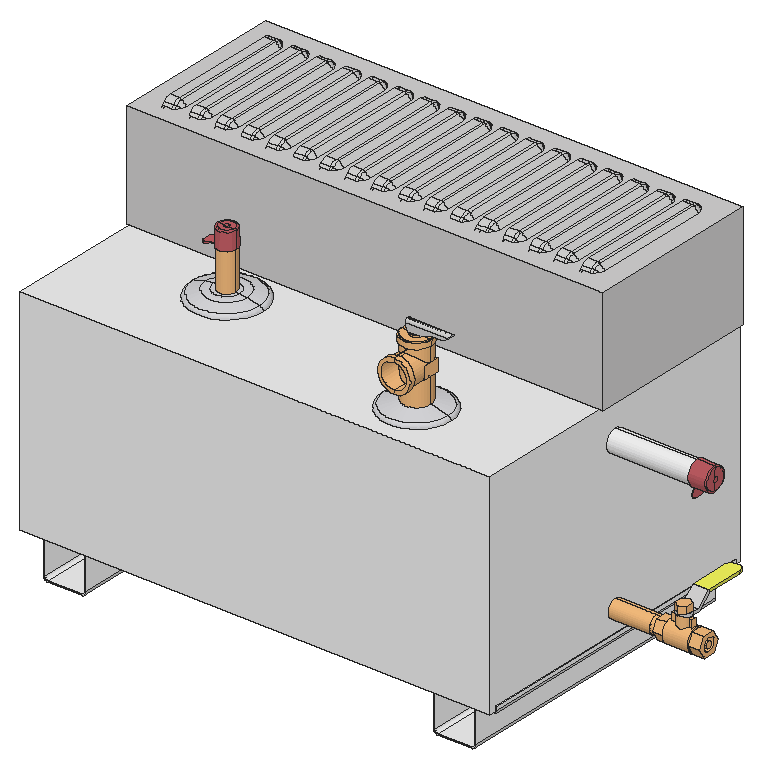
Revit family "Shower-Steam_Generator-KOHLER-Invigoration_Series-K-32334", category Plumbing Fixtures, host Face, Revit 2021 (continued)
Definition of nested family "K-32334"
  Lines and regions (in)
    symbolic lines, detail levels medium+fine
      curve 493: line (3.63386, 5.1516, 0) -> (3.8622, 5.1516, 0)
      curve 494: arc (4.22441, 0.37207, 0) -> (4.11832, 0.11595, 0) -> (3.8622, 0.00987, 0) r 0.3622
      curve 495: line (3.8622, 0.00987, 0) -> (3.63386, 0.00987, 0)
      curve 496: line (3.63386, 0.19057, 0) -> (3.88433, 0.19057, 0)
      curve 497: line (3.63386, 4.95475, 0) -> (3.88433, 4.95475, 0)
      curve 498: line (4.04181, 4.79727, 0) -> (4.04181, 0.34805, 0)
      curve 499: arc (3.88433, 0.19057, 0) -> (3.99569, 0.2367, 0) -> (4.04181, 0.34805, 0) r 0.15748
      curve 500: arc (3.88433, 4.95475, 0) -> (3.99569, 4.90862, 0) -> (4.04181, 4.79727, 0) r 0.15748
      curve 501: line (3.8622, 5.1516, 0) -> (3.8622, 4.95475, 0)
      curve 502: line (4.22441, 4.78939, 0) -> (4.04181, 4.78939, 0)
      curve 503: line (4.22441, 0.37207, 0) -> (4.04181, 0.37207, 0)
      curve 504: line (3.8622, 0.00987, 0) -> (3.8622, 0.19057, 0)
      curve 505: line (4.61811, 5.1516, 0) -> (4.61811, 0.00987, 0)
      curve 506: line (5.20866, 4.78939, 0) -> (5.20866, 0.37207, 0)
      curve 507: arc (4.84646, 5.1516, 0) -> (5.10257, 5.04551, 0) -> (5.20866, 4.78939, 0) r 0.3622
      curve 508: line (4.61811, 5.1516, 0) -> (4.84646, 5.1516, 0)
      curve 509: arc (5.20866, 0.37207, 0) -> (5.10257, 0.11595, 0) -> (4.84646, 0.00987, 0) r 0.3622
      curve 510: line (4.84646, 0.00987, 0) -> (4.61811, 0.00987, 0)
      curve 511: line (4.61811, 0.19057, 0) -> (4.86858, 0.19057, 0)
      curve 512: line (4.61811, 4.95475, 0) -> (4.86858, 4.95475, 0)
      curve 513: line (5.02607, 4.79727, 0) -> (5.02607, 0.34805, 0)
      curve 514: arc (4.86858, 0.19057, 0) -> (4.97994, 0.2367, 0) -> (5.02607, 0.34805, 0) r 0.15748
      curve 515: arc (4.86858, 4.95475, 0) -> (4.97994, 4.90862, 0) -> (5.02607, 4.79727, 0) r 0.15748
      curve 516: line (4.84646, 5.1516, 0) -> (4.84646, 4.95475, 0)
      curve 517: line (5.20866, 4.78939, 0) -> (5.02607, 4.78939, 0)
      curve 518: line (5.20866, 0.37207, 0) -> (5.02607, 0.37207, 0)
      curve 519: line (4.84646, 0.00987, 0) -> (4.84646, 0.19057, 0)
      curve 520: line (5.60236, 5.1516, 0) -> (5.60236, 0.00987, 0)
      curve 521: line (6.19291, 4.78939, 0) -> (6.19291, 0.37207, 0)
      curve 522: arc (5.83071, 5.1516, 0) -> (6.08683, 5.04551, 0) -> (6.19291, 4.78939, 0) r 0.3622
      curve 523: line (5.60236, 5.1516, 0) -> (5.83071, 5.1516, 0)
      curve 524: arc (6.19291, 0.37207, 0) -> (6.08683, 0.11595, 0) -> (5.83071, 0.00987, 0) r 0.3622
      curve 525: line (5.83071, 0.00987, 0) -> (5.60236, 0.00987, 0)
      curve 526: line (5.60236, 0.19057, 0) -> (5.85284, 0.19057, 0)
      curve 527: line (5.60236, 4.95475, 0) -> (5.85284, 4.95475, 0)
      curve 528: line (6.01032, 4.79727, 0) -> (6.01032, 0.34805, 0)
      curve 529: arc (5.85284, 0.19057, 0) -> (5.96419, 0.2367, 0) -> (6.01032, 0.34805, 0) r 0.15748
      curve 530: arc (5.85284, 4.95475, 0) -> (5.96419, 4.90862, 0) -> (6.01032, 4.79727, 0) r 0.15748
      curve 531: line (5.83071, 5.1516, 0) -> (5.83071, 4.95475, 0)
      curve 532: line (6.19291, 4.78939, 0) -> (6.01032, 4.78939, 0)
      curve 533: line (6.19291, 0.37207, 0) -> (6.01032, 0.37207, 0)
      curve 534: line (5.83071, 0.00987, 0) -> (5.83071, 0.19057, 0)
      curve 535: line (6.58661, 5.1516, 0) -> (6.58661, 0.00987, 0)
      curve 536: line (7.17717, 4.78939, 0) -> (7.17717, 0.37207, 0)
      curve 537: arc (6.81496, 5.1516, 0) -> (7.07108, 5.04551, 0) -> (7.17717, 4.78939, 0) r 0.3622
      curve 538: line (6.58661, 5.1516, 0) -> (6.81496, 5.1516, 0)
      curve 539: arc (7.17717, 0.37207, 0) -> (7.07108, 0.11595, 0) -> (6.81496, 0.00987, 0) r 0.3622
      curve 540: line (6.81496, 0.00987, 0) -> (6.58661, 0.00987, 0)
      curve 541: line (6.58661, 0.19057, 0) -> (6.83709, 0.19057, 0)
      curve 542: line (6.58661, 4.95475, 0) -> (6.83709, 4.95475, 0)
      curve 543: line (6.99457, 4.79727, 0) -> (6.99457, 0.34805, 0)
      curve 544: arc (6.83709, 0.19057, 0) -> (6.94844, 0.2367, 0) -> (6.99457, 0.34805, 0) r 0.15748
      curve 545: arc (6.83709, 4.95475, 0) -> (6.94844, 4.90862, 0) -> (6.99457, 4.79727, 0) r 0.15748
      curve 546: line (6.81496, 5.1516, 0) -> (6.81496, 4.95475, 0)
      curve 547: line (7.17717, 4.78939, 0) -> (6.99457, 4.78939, 0)
      curve 548: line (7.17717, 0.37207, 0) -> (6.99457, 0.37207, 0)
      curve 549: line (6.81496, 0.00987, 0) -> (6.81496, 0.19057, 0)
      curve 550: line (7.57087, 5.1516, 0) -> (7.57087, 0.00987, 0)
      curve 551: line (8.16142, 4.78939, 0) -> (8.16142, 0.37207, 0)
      curve 552: arc (7.79921, 5.1516, 0) -> (8.05533, 5.04551, 0) -> (8.16142, 4.78939, 0) r 0.3622
      curve 553: line (7.57087, 5.1516, 0) -> (7.79921, 5.1516, 0)
      curve 554: arc (8.16142, 0.37207, 0) -> (8.05533, 0.11595, 0) -> (7.79921, 0.00987, 0) r 0.3622
      curve 555: line (7.79921, 0.00987, 0) -> (7.57087, 0.00987, 0)
      curve 556: line (7.57087, 0.19057, 0) -> (7.82134, 0.19057, 0)
      curve 557: line (7.57087, 4.95475, 0) -> (7.82134, 4.95475, 0)
      curve 558: line (7.97882, 4.79727, 0) -> (7.97882, 0.34805, 0)
      curve 559: arc (7.82134, 0.19057, 0) -> (7.9327, 0.2367, 0) -> (7.97882, 0.34805, 0) r 0.15748
      curve 560: arc (7.82134, 4.95475, 0) -> (7.9327, 4.90862, 0) -> (7.97882, 4.79727, 0) r 0.15748
      curve 561: line (7.79921, 5.1516, 0) -> (7.79921, 4.95475, 0)
      curve 562: line (8.16142, 4.78939, 0) -> (7.97882, 4.78939, 0)
      curve 563: line (8.16142, 0.37207, 0) -> (7.97882, 0.37207, 0)
      curve 564: line (7.79921, 0.00987, 0) -> (7.79921, 0.19057, 0)
      curve 565: arc (-5.66929, -0.3799, 0) -> (-5.55118, -0.49801, 0) -> (-5.43307, -0.3799, 0) r 0.11811
      curve 566: arc (-5.43307, -0.3799, 0) -> (-5.55118, -0.26179, 0) -> (-5.66929, -0.3799, 0) r 0.11811
      curve 567: arc (5.43307, -0.3799, 0) -> (5.55118, -0.49801, 0) -> (5.66929, -0.3799, 0) r 0.11811
      curve 568: arc (5.66929, -0.3799, 0) -> (5.55118, -0.26179, 0) -> (5.43307, -0.3799, 0) r 0.11811
      curve 569: line (-8.92126, -0.70669, 0) -> (8.92126, -0.70667, 0)
      curve 570: arc (-7.90354, -5.52163, 0) -> (-7.97244, -5.59053, 0) -> (-8.04134, -5.52163, 0) r 0.0689
      curve 571: arc (-8.04134, -5.52163, 0) -> (-7.97244, -5.45273, 0) -> (-7.90354, -5.52163, 0) r 0.0689
      curve 572: arc (7.90354, -5.52163, 0) -> (7.97244, -5.59053, 0) -> (8.04134, -5.52163, 0) r 0.0689
      curve 573: arc (8.04134, -5.52163, 0) -> (7.97244, -5.45273, 0) -> (7.90354, -5.52163, 0) r 0.0689
      curve 574: circle (-4.02165, -2.30118, 0) r 1.25539 normal (0, 0, 1)
      curve 575: circle (-4.02165, -2.30118, 0) r 1.14844 normal (0, 0, 1)
      curve 576: arc (-4.47651, -2.10642, 0) -> (-3.49357, -2.26331, 0) -> (-4.44487, -2.55625, 0) r 0.51097
      curve 577: arc (-4.34385, -2.2126, 0) -> (-4.16878, -1.99416, 0) -> (-3.88981, -1.97097, 0) r 0.35431
      curve 578: arc (-4.34378, -2.47378, 0) -> (-4.16867, -2.69203, 0) -> (-3.88981, -2.71516, 0) r 0.35431
      curve 579: arc (-3.88981, -2.71516, 0) -> (-3.74596, -2.67767, 0) -> (-3.62784, -2.58739, 0) r 0.3764
      curve 580: arc (-3.62784, -2.58739, 0) -> (-3.54968, -2.44497, 0) -> (-3.53882, -2.28287, 0) r 0.3764
      curve 581: arc (-3.53882, -2.28287, 0) -> (-3.65795, -2.06349, 0) -> (-3.88981, -1.97097, 0) r 0.3672
      curve 582: line (-4.25596, -2.2126, 0) -> (-4.40987, -2.2126, 0)
      curve 583: line (-4.40987, -2.47378, 0) -> (-4.25544, -2.47378, 0)
      curve 584: arc (-4.25544, -2.47378, 0) -> (-4.27938, -2.34324, 0) -> (-4.25596, -2.2126, 0) r 0.3719
      curve 585: arc (-4.25596, -2.2126, 0) -> (-4.1123, -2.03206, 0) -> (-3.88981, -1.97097, 0) r 0.37196
      curve 586: arc (-4.25544, -2.47378, 0) -> (-4.11172, -2.65369, 0) -> (-3.88981, -2.71516, 0) r 0.37362
      curve 587: arc (-4.40987, -2.2126, 0) -> (-4.4279, -2.14991, 0) -> (-4.47651, -2.10642, 0) r 0.11787
      curve 588: arc (-4.54348, -2.09471, 0) -> (-4.62683, -2.12923, 0) -> (-4.66135, -2.21258, 0) r 0.11787
      curve 589: line (-4.66135, -2.21258, 0) -> (-4.66135, -2.47242, 0)
      curve 590: arc (-4.66135, -2.47242, 0) -> (-4.62683, -2.55576, 0) -> (-4.54348, -2.59029, 0) r 0.11787
      curve 591: arc (-4.49031, -2.58419, 0) -> (-4.43247, -2.54183, 0) -> (-4.40987, -2.47378, 0) r 0.11787
      curve 592: arc (-4.4807, -2.51946, 0) -> (-4.46678, -2.51369, 0) -> (-4.46101, -2.49977, 0) r 0.01968
      curve 593: line (-4.46101, -2.49977, 0) -> (-4.46101, -2.18522, 0)
      curve 594: arc (-4.46101, -2.18522, 0) -> (-4.46678, -2.1713, 0) -> (-4.4807, -2.16554, 0) r 0.01968
      curve 595: arc (-4.58265, -2.16554, 0) -> (-4.59657, -2.1713, 0) -> (-4.60233, -2.18522, 0) r 0.01968
      curve 596: line (-4.60233, -2.18522, 0) -> (-4.60233, -2.49977, 0)
      curve 597: arc (-4.60233, -2.49977, 0) -> (-4.59657, -2.51369, 0) -> (-4.58265, -2.51946, 0) r 0.01968
      curve 598: arc (-4.57498, -2.16533, 0) -> (-4.56106, -2.1711, 0) -> (-4.55529, -2.18502, 0) r 0.01968
      curve 599: line (-4.55529, -2.18502, 0) -> (-4.55529, -2.49998, 0)
      curve 600: arc (-4.55529, -2.49998, 0) -> (-4.56106, -2.5139, 0) -> (-4.57498, -2.51966, 0) r 0.01968
      curve 601: arc (-4.50786, -2.09615, 0) -> (-4.52566, -2.09507, 0) -> (-4.54348, -2.09471, 0) r 0.44017
      curve 602: arc (-4.47651, -2.10642, 0) -> (-4.49158, -2.09943, 0) -> (-4.50786, -2.09615, 0) r 0.07068
      curve 603: arc (-4.54348, -2.59029, 0) -> (-4.51672, -2.58876, 0) -> (-4.49031, -2.58419, 0) r 0.23484
      curve 604: arc (-4.48816, -2.16554, 0) -> (-4.50208, -2.1713, 0) -> (-4.50784, -2.18522, 0) r 0.01968
      curve 605: line (-4.50784, -2.18522, 0) -> (-4.50784, -2.49977, 0)
      curve 606: arc (-4.50784, -2.49977, 0) -> (-4.50208, -2.51369, 0) -> (-4.48816, -2.51946, 0) r 0.01968
      curve 607: arc (5.80466, -3.88631, 0) -> (3.28944, -3.97821, 0) -> (5.80216, -4.12318, 0) r 1.25984
      curve 608: line (5.80466, -3.88631, 0) -> (5.88153, -3.88631, 0)
      curve 609: line (5.80216, -4.12318, 0) -> (5.86693, -4.12318, 0)
      curve 610: arc (5.91503, -3.905, 0) -> (5.9425, -3.99879, 0) -> (5.9182, -4.09345, 0) r 0.18443
      curve 611: arc (5.88153, -3.88631, 0) -> (5.90071, -3.8913, 0) -> (5.91503, -3.905, 0) r 0.03937
      curve 612: arc (5.86693, -4.12318, 0) -> (5.89656, -4.11521, 0) -> (5.9182, -4.09345, 0) r 0.05906
      curve 613: line (5.80466, -3.88631, 0) -> (4.28188, -3.88631, 0)
      curve 614: line (5.80216, -4.12318, 0) -> (4.27938, -4.12318, 0)
      curve 615: arc (4.27068, -3.9219, 0) -> (4.2671, -3.99898, 0) -> (4.27068, -4.07605, 0) r 0.8315
      curve 616: arc (4.28188, -3.88631, 0) -> (4.27438, -3.90351, 0) -> (4.27068, -3.9219, 0) r 0.0886
      curve 617: arc (4.27068, -4.07605, 0) -> (4.27397, -4.09981, 0) -> (4.27938, -4.12318, 0) r 0.26739
      curve 618: arc (5.14109, -3.88631, 0) -> (5.10918, -3.78424, 0) -> (5.05878, -3.68992, 0) r 0.57045
      curve 619: line (5.05878, -3.68992, 0) -> (5.15384, -3.68992, 0)
      curve 620: line (5.15384, -3.68992, 0) -> (5.15384, -3.88631, 0)
      curve 621: arc (5.05878, -3.68992, 0) -> (4.58307, -3.4343, 0) -> (4.10737, -3.68992, 0) r 0.57045
      curve 622: line (5.15384, -4.3211, 0) -> (5.11944, -4.3211, 0)
      curve 623: line (5.11944, -4.3211, 0) -> (5.11944, -4.19899, 0)
      curve 624: arc (5.11944, -4.19899, 0) -> (5.13158, -4.16146, 0) -> (5.14109, -4.12318, 0) r 0.57045
      curve 625: line (5.15384, -4.12318, 0) -> (5.15384, -4.3211, 0)
      curve 626: line (4.10737, -3.68992, 0) -> (4.01262, -3.68992, 0)
      curve 627: line (4.01262, -4.00475, 0) -> (4.01262, -3.68992, 0)
      curve 628: arc (4.10737, -3.68992, 0) -> (4.32674, -4.51436, 0) -> (5.11944, -4.19899, 0) r 0.57045
      curve 629: line (4.04626, -4.19774, 0) -> (4.04626, -4.32084, 0)
      curve 630: line (4.01262, -4.00475, 0) -> (4.01262, -4.32084, 0)
      curve 631: line (4.01262, -4.32084, 0) -> (4.04626, -4.32084, 0)
      curve 632: line (4.01262, -4.32084, 0) -> (4.01262, -4.87196, 0)
      curve 633: line (4.01262, -4.87196, 0) -> (3.97197, -4.87196, 0)
      curve 634: line (3.97197, -4.87196, 0) -> (3.97197, -5.06881, 0)
      curve 635: line (3.97197, -5.06881, 0) -> (4.59843, -5.06881, 0)
      curve 636: line (5.15384, -4.3211, 0) -> (5.15384, -4.87221, 0)
      curve 637: line (5.15384, -4.87221, 0) -> (5.19448, -4.87221, 0)
      curve 638: line (5.19448, -4.87221, 0) -> (5.19448, -5.06881, 0)
      curve 639: line (5.19448, -5.06881, 0) -> (4.59843, -5.06881, 0)
      curve 640: line (4.01262, -4.87196, 0) -> (5.15384, -4.87221, 0)
      curve 641: arc (3.97197, -5.00167, 0) -> (4.58323, -2.84224, 0) -> (5.19448, -5.00167, 0) r 1.16623
      curve 642: line (-8.78594, -0.70669, 0) -> (-8.78594, -5.86811, 0)
      curve 643: line (-8.92126, -2.93435, 0) -> (-8.92126, -5.17912, 0)
      curve 644: line (-8.9685, 5.11323, 0) -> (-8.9685, 2.9649, 0)
      curve 645: line (8.78841, -0.70667, 0) -> (8.78841, -5.86811, 0)
      curve 646: line (8.86614, 0, 2.89247) -> (8.86614, 0, 2.22318)
      curve 647: arc (8.84646, 0, 1.5342) -> (8.85706, 0, 1.53624) -> (8.86614, 0, 1.54208) r 0.02854
      curve 648: line (0, 0.0111, 13.53937) -> (0, 5.15037, 13.53937)
      curve 649: line (0, -0.01023, 3.65714) -> (0, -0.01023, 3.40693)
  Dimensions and locks (in)
    plane 35 to plane 17 = 2.54786"
    plane 36 to plane 19 "FF" = 1.34408"
    aligned and locked: plane 2 to level
    aligned and locked: Revolve 43 sketch curve to cut or joined group of Extrusion 45, Extrusion 46
    aligned and locked: Extrusion 47 to cut or joined group of Extrusion 45, Extrusion 46
    aligned and locked: plane 7 to Masking region 2 sketch curve
    aligned and locked: plane 28 to Masking region 3 sketch curve  (x2)
    aligned and locked: Masking region 3 sketch curve to plane 6
    aligned and locked: plane 15 to Masking region 3 sketch curve
    aligned and locked: Masking region 3 sketch curve to plane 16
    aligned and locked: Masking region 3 sketch curve to plane 29
    aligned and locked: plane 32 to Revolve 33 sketch curve
    aligned and locked: plane 32 to Extrusion 56
    aligned and locked: plane 34 to Masking region 1 sketch curve
    aligned and locked: plane 33 to Masking region 1 sketch curve
    aligned and locked: plane 17 to Extrusion 57 sketch curve
    aligned and locked: plane 13 to Extrusion 57 sketch curve
